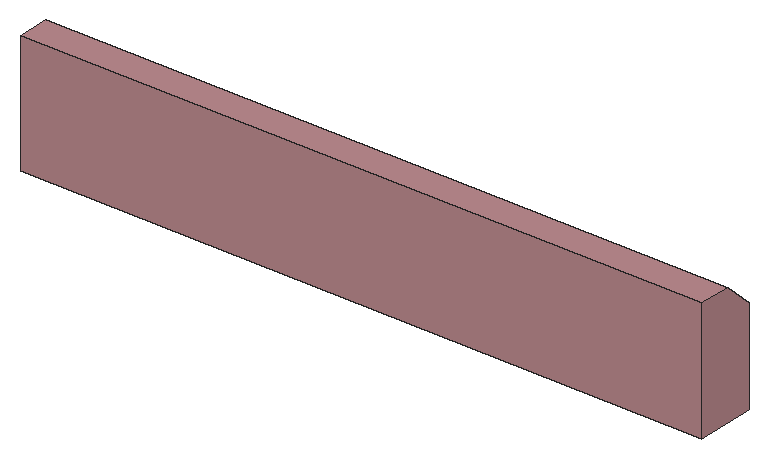
Revit family
Parameters (values of type "102 x 215mm Deep")
  Opening Width [instance] = 1210.0 mm
  Keynote = "F10"
  Cill/Lintol Offset from Ext = 5.0 mm
  Material Cill = Masonry - Brickwork Cill
  Cill Height [instance] = 910.0 mm
  Cill/Lintol Width = 102.5 mm
  Cill/Lintol Length [instance] = Opening Width + 2 * (Cill Lintol Bearing)  # 1210.0 mm
  Cill/Lintol Depth = 215.0 mm
  Cill Lintol Bearing = 0.0 mm
  Chamfer = 45.0 mm
Types (2, lengths in mm): name | Material Cill | Cill/Lintol Width | Cill/Lintol Depth
  102 x 215mm Deep | Masonry - Brickwork Cill | 102.5 | 215.0
  137 x 75mm Deep | none | 137.0 | 75.0
Reference planes
  plane 1 "Wall": y = -11.298
  plane 2 "Center (Left/Right)": x = 161.814
  plane 3 "Back": y = 138.702
  plane 4 "U/S Lintol": z = 910
  plane 5: x = 766.814
  plane 6: x = -443.186
  plane 7: x = 766.814
  plane 8: x = -443.186
  plane 9: y = 143.702
  plane 10: y = 41.202
  plane 11: z = 695
Forms (mm)
  Extrusion 1, void
    sketch origin (0, 138.702, 0) x (-1, 0, 0) y (0, 0, 1)
      loop
        line (-766.814, 910) -> (-766.814, 695) -> (443.186, 695) -> (443.186, 910) -> (-766.814, 910)
    from 0 to -97.5
  Extrusion 2, solid, material "Masonry - Brickwork Cill" <- "Material Cill"
    sketch origin (0, 138.702, 0) x (1, 0, 0) y (0, 0, 1)
      loop
        line (766.814, 910) -> (-443.186, 910) -> (-443.186, 695) -> (766.814, 695) -> (766.814, 910)
    from -5 to 97.5
  Sweep 3, void
    path in 3D
      loop
        line (-443.186, 143.702, 910) -> (766.814, 143.702, 910)
    profile origin (161.814, 0, 0) x (0, 1, 0) y (0, 0, 1)
      loop
        line (143.702, 910) -> (98.702, 910) -> (143.702, 865) -> (143.702, 910)
Cuts and joins
  Sweep 3 cuts Extrusion 2
Lines and regions (mm)
  sketch lines
    curve 1: line (-443.186, 143.702, 910) -> (766.814, 143.702, 910)
Text (mm)
  text "Placement side" at (-1848.837, 1116.779, 0), in view "Ref. Level"
  text "Placement side" at (0, 1409.804, 2854.306), in view "Left"
  text "Placement side" at (0, 499.811, 2980.732), in view "Right"
Dimensions and locks
  locked: plane 3 "Back" to host wall
  equal spacing: plane 5, plane 2 "Center (Left/Right)", plane 6
  "Opening Width": plane 5 to plane 6
  "Cill Lintol Bearing": plane 7 to plane 5
  "Cill Lintol Bearing": plane 6 to plane 8
  "Cill Height": level to plane 4 "U/S Lintol"
  "Cill/Lintol Offset from Ext": plane 3 "Back" to plane 9
  "Cill/Lintol Width": plane 10 to plane 9
  "Cill/Lintol Depth": plane 11 to plane 4 "U/S Lintol"
  "Chamfer": Sweep 3 sketch curve to plane 9
  "Chamfer": Sweep 3 sketch curve to plane 4 "U/S Lintol"
  aligned and locked: plane 1 "Wall" to host wall
  aligned and locked: Extrusion 1 to plane 10
  aligned and locked: host wall to Extrusion 1
  aligned and locked: plane 9 to Extrusion 2
  aligned and locked: Extrusion 2 to plane 10
Automatic sketch dimensions
  Extrusion 1 sketch curve to plane 7 = 0.0 mm
  Extrusion 1 sketch curve to plane 8 = 0.0 mm
  Extrusion 1 sketch curve to plane 11 = 0.0 mm
  Extrusion 1 sketch curve to plane 4 "U/S Lintol" = 0.0 mm
  Extrusion 2 sketch curve to plane 4 "U/S Lintol" = 0.0 mm
  Extrusion 2 sketch curve to plane 8 = 0.0 mm
  Extrusion 2 sketch curve to plane 7 = 0.0 mm
  Extrusion 2 sketch curve to plane 11 = 0.0 mm
  Sweep 3 sketch curve to profile plane = 0.0 mm  (x2)
